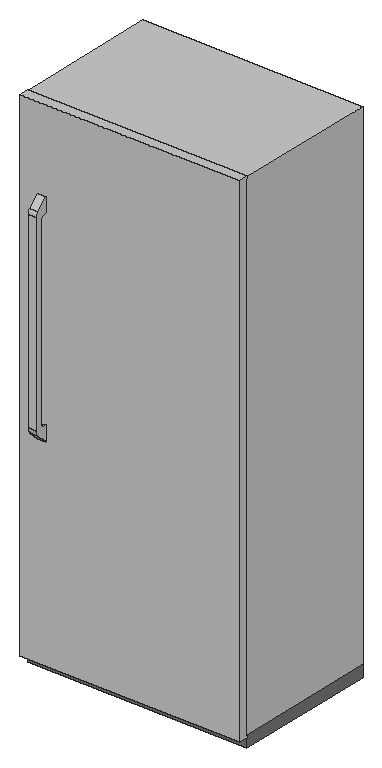
Revit family "DRR36980RAP", category Specialty Equipment, Revit 2014
Parameters (values of type "DRR36980RAP")
  iQ RemoteView™ Camera = "Yes (2 ea)"
  Width = 35 3/4"
  Volts (V) = "115"
  Unit = Stainless Steel
  Total Unit Gross Capacity (cu.ft.) - AHAM = "21.6 cu. ft."
  Support = Plastic-Black
  Special Modes = "Sabbath Mode"
  Shelf Material = "Tempered Glass Shelves w/Metal Trim"
  Refrigerator Gross Capacity (cu.ft.) = "21.6 cu. ft."
  Refrigerator - Power Cool = "34°F (1°C)"
  Refrigerator = "34°F (1°C) to 44°F (7°C)"
  Push-To-Open™ Door Assist = "Yes"
  Precise Cooling = "Yes"
  Power Cord Length (in.) = "78 3/4\""
  Power Cool = "Yes"
  Plug Type = "120 V, 3 Prong"
  Panel Ready = "Yes"
  Model = "DRR36980RAP"
  Manufacturer = "Dacor"
  Lighting = "3DLighting™"
  Internal Water Dispenser = "Yes"
  Interior Material = "SteelCool™ Stainless Steel Interior"
  Height = 83 3/8"
  Handle = Stainless Steel
  Full Width Shelves = "4 ea"
  Full Extension Drawers at 90º Door Opening Angle = "Yes"
  FreshZone™ Drawer = "Yes - Cheese (37°F) / Cold Drinks (33°F) / Meat (29°F)"
  Frequency (Hz) = "60"
  ENERGY STAR® Qualified = "Yes"
  Door Swing = "Right"
  Door Open Alarm = "Yes"
  Door Bins = "4 ea"
  Door = Stainless Steel
  Description = "36-INCH REFRIGERATOR COLUMN, RIGHT-HINGE"
  Depth = 25"
  Deodorizing Filter = "Yes"
  Dedicated Evaporator & Compressor System = "Yes"
  Current (A) = "3"
  Crisper Drawers = "2 ea"
  Annual Energy Consumption = "290 kWy/year"
Reference planes (in)
  plane 1 "Center (Front/Back)": y = 0
  plane 2: z = 0
  plane 3 "Center (Left/Right)": x = 0
  plane 4: y = 12.5
  plane 5: y = -12.5
  plane 6: x = -17.875
  plane 7: x = 17.875
  plane 8: z = 83.375
  plane 9: z = 2
  plane 10: y = -14.375
  plane 11: y = -11
Forms (in)
  Extrusion 1, solid, material "Stainless Steel" <- "Unit"
    sketch origin (0, 0, 0) x (1, 0, 0) y (0, 1, 0)
      loop
        line (-17.875, -11) -> (-16.875, -11) -> (-16.875, 11.375) -> (16.875, 11.375) -> (16.875, -11) -> (17.875, -11) -> (17.875, 12.5) -> (-17.875, 12.5) -> (-17.875, -11)
    from 2 to 83.375
  Extrusion 2, solid, material "Stainless Steel" <- "Handle"
    sketch origin (0, 0, 0) x (1, 0, 0) y (0, 0, 1)
      loop
        line (-17.875, 1.57503) -> (17.875, 1.57503) -> (17.875, 83.5) -> (-17.875, 83.5) -> (-17.875, 1.57503)
    from 11 to 12.5
  Extrusion 3, solid, material "Plastic-Black" <- "Support"
    sketch origin (0, 0, 0) x (0, 1, 0) y (0, 0, 1)
      loop
        line (12.5, 2) -> (-11, 2) -> (-11, 0) -> (12.5, 0) -> (12.5, 2)
    from -17.875 to 17.875
  Extrusion 4, solid, material "Stainless Steel" <- "Unit"
    sketch origin (0, 0, 83.375) x (1, 0, 0) y (0, 1, 0)
      loop
        line (-16.875, 11.375) -> (-16.875, -11) -> (16.875, -11) -> (16.875, 11.375) -> (-16.875, 11.375)
    from 0 to -1.14126
  Extrusion 5, solid, material "Stainless Steel" <- "Handle"
    sketch origin (-0.5, 0, 0) x (0, 1, 0) y (0, 0, 1)
      loop
        line (-12.5, 70.125) -> (-14.08211, 68.54289)
        arc (-14.08211, 68.54289) -> (-14.29888, 68.21847) -> (-14.375, 67.83579) r 1
        line (-14.375, 67.83579) -> (-14.375, 64.9375) -> (-13.4375, 64.9375) -> (-13.4375, 67.1875) -> (-12.96875, 67.65625) -> (-12.5, 67.65625) -> (-12.5, 70.125)
    from -14.55491 to -13.21363
  Extrusion 6, solid, material "Stainless Steel" <- "Handle"
    sketch origin (-0.5, 0, 104.5) x (0, 1, 0) y (0, 0, 1)
      loop
        line (-12.5, -70.25) -> (-12.5, -67.78125) -> (-12.96875, -67.78125) -> (-13.4375, -67.3125) -> (-13.4375, -65.0625) -> (-14.375, -65.0625) -> (-14.375, -67.85723)
        arc (-14.375, -67.85723) -> (-14.27985, -68.33559) -> (-14.00888, -68.74112) r 1.25
        line (-14.00888, -68.74112) -> (-12.5, -70.25)
    from -14.55491 to -13.21363
  Extrusion 7, solid, material "Stainless Steel" <- "Handle"
    sketch origin (0.75, 0, 0) x (1, 0, 0) y (0, 1, 0)
      loop
        line (-15.80491, -13.4375) -> (-15.80491, -14.375) -> (-14.46363, -14.375) -> (-14.46363, -13.4375) -> (-15.80491, -13.4375)
    from 65.0625 to 39.4375
Cuts and joins
  joined: Extrusion 1, Extrusion 4
  joined: Extrusion 5, Extrusion 6, Extrusion 7
Dimensions and locks (in)
  equal spacing: plane 6, plane 3 "Center (Left/Right)", plane 7
  "Width": plane 6 to plane 7
  equal spacing: plane 4, plane 1 "Center (Front/Back)", plane 5
  "Depth": plane 4 to plane 5
  "Height": plane 8 to plane 2
  plane 9 to plane 2 = 2"
  plane 5 to plane 10 = 1 7/8"
  plane 11 to plane 5 = 1 1/2"
  Extrusion 3 to Extrusion 3 = 35 3/4"
  Extrusion 2 to Extrusion 3 = 25"
  Extrusion 3 to cut or joined group of Extrusion 1, Extrusion 4 = 83 3/8"
  aligned and locked: level to plane 2
  aligned and locked: Extrusion 3 to plane 6
  aligned and locked: plane 7 to Extrusion 3
  aligned and locked: plane 8 to Extrusion 1
Automatic sketch dimensions
  Extrusion 1 sketch curve to plane 6 = 0"
  Extrusion 1 sketch curve to plane 11 = 0"  (x2)
  Extrusion 1 sketch curve to plane 7 = 0"
  Extrusion 1 sketch curve to plane 4 = 0"
  Extrusion 1 sketch curve to Extrusion 1 sketch curve = 1"
  Extrusion 1 sketch curve to plane 7 = 1"
  Extrusion 1 sketch curve to plane 4 = 1 1/8"
  Extrusion 2 sketch curve to plane 6 = 0"
  Extrusion 2 sketch curve to plane 7 = 0"
  Extrusion 2 sketch curve to plane 9 = 0.42497"
  plane 8 to Extrusion 2 sketch curve = 1/8"
  Extrusion 3 sketch curve to plane 9 = 0"
  Extrusion 3 sketch curve to plane 11 = 0"
  Extrusion 3 sketch curve to level = 0"
  Extrusion 3 sketch curve to plane 4 = 0"
  Extrusion 1 to Extrusion 4 sketch curve = 0"  (x2)
  Extrusion 4 sketch curve to Extrusion 1 = 0"  (x2)
  Extrusion 5 sketch curve to plane 10 = 0"
  Extrusion 5 sketch curve to plane 5 = 0"
  Extrusion 5 sketch curve to plane 10 = 0.29289"
  Extrusion 5 sketch curve to plane 5 = 15/16"
  Extrusion 5 sketch curve to Extrusion 5 sketch curve = 1/16"
  Extrusion 5 sketch curve to Extrusion 5 sketch curve = 13/32"
  Extrusion 5 sketch curve to plane 8 = 18 7/16"
  Extrusion 5 sketch curve to Extrusion 5 sketch curve = 2 1/4"
  Extrusion 5 sketch curve to Extrusion 5 sketch curve = 15/32"
  Extrusion 5 sketch curve to Extrusion 5 sketch curve = 0.64829"
  Extrusion 5 sketch curve to Extrusion 5 sketch curve = 1.58211"
  Extrusion 6 sketch curve to plane 10 = 0"
  Extrusion 6 sketch curve to plane 5 = 0"
  Extrusion 6 sketch curve to plane 10 = 0.36612"
  Extrusion 6 sketch curve to plane 5 = 15/16"
  Extrusion 6 sketch curve to plane 5 = 5/8"
  Extrusion 6 sketch curve to Extrusion 6 sketch curve = 5/32"
  plane 9 to Extrusion 6 sketch curve = 32 1/4"
  Extrusion 6 sketch curve to Extrusion 6 sketch curve = 1.50888"
  Extrusion 6 sketch curve to Extrusion 6 sketch curve = 0.07598"
  Extrusion 6 sketch curve to Extrusion 6 sketch curve = 0.54473"
  Extrusion 6 sketch curve to Extrusion 6 sketch curve = 2 1/4"
  plane 10 to Extrusion 7 sketch curve = 0"
  plane 6 to Extrusion 7 sketch curve = 2.82009"
  Extrusion 7 sketch curve to Extrusion 7 sketch curve = 1.34127"
  Extrusion 7 sketch curve to plane 5 = 15/16"
